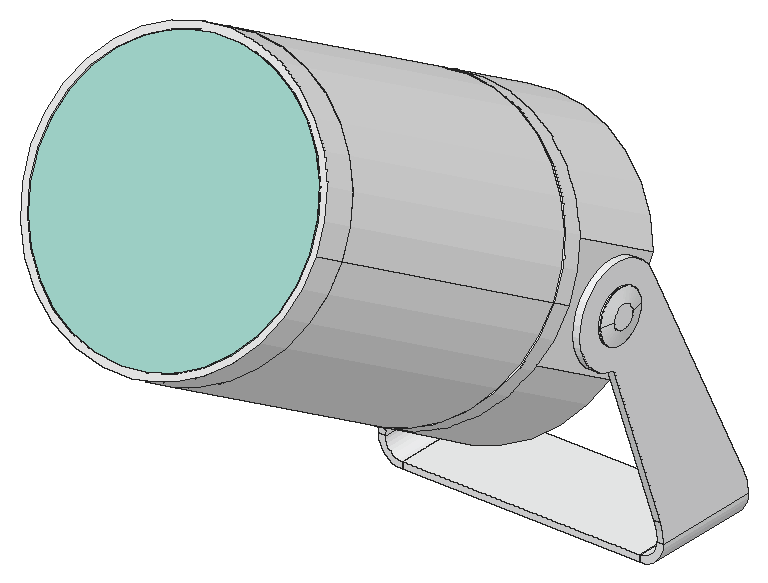
Revit family "Ginko 3.4", category Lighting Fixtures, Revit 2017 (continued)
Definition of nested family "Light Source_3.4"
  Types (4, lengths in mm): name | Photometric Web File | built-in parameter 1150142
    R2 zoom 35°x71° | "GINKO 3.4 R2 zoom 35°x71° [3000K 15W 24Vdc].IES" | "IESNA:LM-63-2002\r\n[TEST] GINKO 34 30K80  ZOOM S 15W - 20180124-1452.LDT\r\n[TESTLAB] L&L\r\n[TESTDATE] 24 Jan 2018\r\n[ISSUEDATE] 24 Jan 2018\r\n[MANUFAC] L&L\r\n[LUMCAT] GINKO 3.4 R2 zoom 35°x71° [3000K 15W 24Vdc]\r\n[LUMINAIRE] GINKO 3.4 R2 zoom 35°x71° [3000K 15W 24Vdc]\r\n[FLASHAREA] 0.000304\r\n[LAMPCAT] COB LED High Density\r\n[LAMP] COB LED High Density\r\nTILT=NONE\r\n1 315.00 1.0 181 19 1 2 -0.040 -0.040 0.000\r\n1.00 1.00 15.00\r\n0.00 1.00 2.00 3.00 4.00 5.00 6.00 7.00 8.00 9.00 10.00 \r\n11.00 12.00 13.00 14.00 15.00 16.00 17.00 18.00 19.00 \r\n20.00 21.00 22.00 23.00 24.00 25.00 26.00 27.00 28.00 \r\n29.00 30.00 31.00 32.00 33.00 34.00 35.00 36.00 37.00 \r\n38.00 39.00 40.00 41.00 42.00 43.00 44.00 45.00 46.00 \r\n47.00 48.00 49.00 50.00 51.00 52.00 53.00 54.00 55.00 \r\n56.00 57.00 58.00 59.00 60.00 61.00 62.00 63.00 64.00 \r\n65.00 66.00 67.00 68.00 69.00 70.00 71.00 72.00 73.00 \r\n74.00 75.00 76.00 77.00 78.00 79.00 80.00 81.00 82.00 \r\n83.00 84.00 85.00 86.00 87.00 88.00 89.00 90.00 91.00 \r\n92.00 93.00 94.00 95.00 96.00 97.00 98.00 99.00 100.00 \r\n101.00 102.00 103.00 104.00 105.00 106.00 107.00 108.00 \r\n109.00 110.00 111.00 112.00 113.00 114.00 115.00 116.00 \r\n117.00 118.00 119.00 120.00 121.00 122.00 123.00 124.00 \r\n125.00 126.00 127.00 128.00 129.00 130.00 131.00 132.00 \r\n133.00 134.00 135.00 136.00 137.00 138.00 139.00 140.00 \r\n141.00 142.00 143.00 144.00 145.00 146.00 147.00 148.00 \r\n149.00 150.00 151.00 152.00 153.00 154.00 155.00 156.00 \r\n157.00 158.00 159.00 160.00 161.00 162.00 163.00 164.00 \r\n165.00 166.00 167.00 168.00 169.00 170.00 171.00 172.00 \r\n173.00 174.00 175.00 176.00 177.00 178.00 179.00 180.00 \r\n0.00 5.00 10.00 15.00 20.00 25.00 30.00 35.00 40.00 45.00 \r\n50.00 55.00 60.00 65.00 70.00 75.00 80.00 85.00 90.00 \r\n446.22 447.94 448.37 446.97 445.50 444.15 443.02 441.23 \r\n439.06 436.32 433.55 431.54 430.04 428.92 428.19 427.51 \r\n427.55 429.74 431.23 425.00 411.35 400.22 388.24 376.92 \r\n364.03 351.58 338.06 325.85 315.35 304.50 293.53 281.60 \r\n268.09 256.31 243.82 231.33 217.55 204.37 191.89 178.93 \r\n166.93 155.41 143.90 129.81 115.84 98.41 79.03 62.39 \r\n44.36 30.96 21.59 16.66 14.27 13.15 12.38 11.78 11.23 \r\n10.67 10.17 9.68 9.18 8.68 8.14 7.68 7.19 6.72 6.28 5.84 \r\n5.40 5.00 4.55 4.14 3.75 3.36 2.99 2.65 2.29 1.94 1.64 \r\n1.34 1.10 0.85 0.65 0.48 0.32 0.20 0.12 0.05 0.02 0.01 \r\n0.00 0.00 0.00 0.00 0.00 0.00 0.00 0.00 0.00 0.00 0.00 \r\n0.00 0.00 0.00 0.00 0.00 0.00 0.00 0.00 0.00 0.00 0.00 \r\n0.00 0.00 0.00 0.00 0.00 0.00 0.00 0.00 0.00 0.00 0.00 \r\n0.00 0.00 0.00 0.00 0.00 0.00 0.00 0.00 0.00 0.00 0.00 \r\n0.00 0.00 0.00 0.00 0.00 0.00 0.00 0.00 0.00 0.00 0.00 \r\n0.00 0.00 0.00 0.00 0.00 0.00 0.00 0.00 0.00 0.00 0.00 \r\n0.00 0.00 0.00 0.00 0.00 0.00 0.00 0.00 0.00 0.00 0.00 \r\n0.00 0.00 0.00 0.00 0.00 0.00 0.00 0.00 0.00 0.00 0.00 \r\n0.00 0.00 0.00 \r\n446.22 447.93 448.40 446.92 445.49 443.76 442.48 440.90 \r\n438.51 435.62 432.77 430.67 429.32 428.25 427.50 426.50 \r\n426.19 428.08 429.70 423.45 410.05 397.82 386.15 374.41 \r\n361.52 348.63 335.81 323.45 312.32 301.61 290.27 278.65 \r\n266.34 254.51 241.55 229.33 216.00 203.08 190.68 178.13 \r\n165.95 153.05 140.42 126.38 112.23 95.69 76.73 59.47 \r\n41.63 28.84 20.44 15.94 13.90 12.88 12.15 11.55 11.01 \r\n10.50 9.98 9.49 9.02 8.51 8.00 7.53 7.08 6.61 6.18 5.75 \r\n5.31 4.92 4.48 4.08 3.70 3.32 2.94 2.60 2.24 1.91 1.61 \r\n1.33 1.08 0.84 0.64 0.47 0.31 0.20 0.11 0.05 0.02 0.00 \r\n0.00 0.00 0.00 0.00 0.00 0.00 0.00 0.00 0.00 0.00 0.00 \r\n0.00 0.00 0.00 0.00 0.00 0.00 0.00 0.00 0.00 0.00 0.00 \r\n0.00 0.00 0.00 0.00 0.00 0.00 0.00 0.00 0.00 0.00 0.00 \r\n0.00 0.00 0.00 0.00 0.00 0.00 0.00 0.00 0.00 0.00 0.00 \r\n0.00 0.00 0.00 0.00 0.00 0.00 0.00 0.00 0.00 0.00 0.00 \r\n0.00 0.00 0.00 0.00 0.00 0.00 0.00 0.00 0.00 0.00 0.00 \r\n0.00 0.00 0.00 0.00 0.00 0.00 0.00 0.00 0.00 0.00 0.00 \r\n0.00 0.00 0.00 0.00 0.00 0.00 0.00 0.00 0.00 0.00 0.00 \r\n0.00 0.00 0.00 \r\n446.22 447.78 448.29 446.58 444.98 443.16 441.62 439.63 \r\n437.01 433.96 431.07 428.63 427.43 426.06 425.17 423.96 \r\n422.88 423.95 425.42 419.68 407.56 393.15 380.84 368.81 \r\n355.78 341.99 329.22 317.43 305.46 294.10 283.55 271.85 \r\n259.84 248.47 236.09 223.91 211.49 198.86 186.26 173.88 \r\n161.08 147.27 133.19 118.69 103.38 86.44 67.41 50.73 \r\n35.02 23.82 17.37 14.34 12.91 12.08 11.43 10.86 10.33 \r\n9.88 9.39 8.93 8.47 8.00 7.53 7.08 6.67 6.23 5.81 5.42 \r\n5.00 4.62 4.22 3.83 3.48 3.10 2.77 2.43 2.10 1.80 1.52 \r\n1.25 1.02 0.79 0.60 0.44 0.30 0.19 0.11 0.05 0.02 0.00 \r\n0.00 0.00 0.00 0.00 0.00 0.00 0.00 0.00 0.00 0.00 0.00 \r\n0.00 0.00 0.00 0.00 0.00 0.00 0.00 0.00 0.00 0.00 0.00 \r\n0.00 0.00 0.00 0.00 0.00 0.00 0.00 0.00 0.00 0.00 0.00 \r\n0.00 0.00 0.00 0.00 0.00 0.00 0.00 0.00 0.00 0.00 0.00 \r\n0.00 0.00 0.00 0.00 0.00 0.00 0.00 0.00 0.00 0.00 0.00 \r\n0.00 0.00 0.00 0.00 0.00 0.00 0.00 0.00 0.00 0.00 0.00 \r\n0.00 0.00 0.00 0.00 0.00 0.00 0.00 0.00 0.00 0.00 0.00 \r\n0.00 0.00 0.00 0.00 0.00 0.00 0.00 0.00 0.00 0.00 0.00 \r\n0.00 0.00 0.00 \r\n446.22 447.83 448.15 446.44 444.54 442.56 440.65 437.98 \r\n435.21 432.12 429.01 426.55 424.92 423.05 421.70 420.09 \r\n417.76 417.24 417.99 414.11 403.65 389.27 375.53 363.63 \r\n350.75 336.91 323.64 310.56 298.39 287.10 276.17 264.39 \r\n251.94 240.13 228.21 216.18 203.54 191.32 178.00 164.78 \r\n151.63 137.39 121.97 106.42 89.20 71.40 53.46 37.92 25.79 \r\n18.03 14.11 12.58 11.57 10.85 10.29 9.75 9.27 8.84 8.39 \r\n7.99 7.55 7.14 6.73 6.33 5.95 5.55 5.17 4.81 4.45 4.09 \r\n3.75 3.40 3.07 2.75 2.46 2.16 1.88 1.60 1.35 1.11 0.91 \r\n0.71 0.54 0.40 0.27 0.17 0.10 0.05 0.02 0.00 0.00 0.00 \r\n0.00 0.00 0.00 0.00 0.00 0.00 0.00 0.00 0.00 0.00 0.00 \r\n0.00 0.00 0.00 0.00 0.00 0.00 0.00 0.00 0.00 0.00 0.00 \r\n0.00 0.00 0.00 0.00 0.00 0.00 0.00 0.00 0.00 0.00 0.00 \r\n0.00 0.00 0.00 0.00 0.00 0.00 0.00 0.00 0.00 0.00 0.00 \r\n0.00 0.00 0.00 0.00 0.00 0.00 0.00 0.00 0.00 0.00 0.00 \r\n0.00 0.00 0.00 0.00 0.00 0.00 0.00 0.00 0.00 0.00 0.00 \r\n0.00 0.00 0.00 0.00 0.00 0.00 0.00 0.00 0.00 0.00 0.00 \r\n0.00 0.00 0.00 0.00 0.00 0.00 0.00 0.00 0.00 0.00 0.00 \r\n0.00 \r\n446.22 447.70 447.79 446.14 444.02 441.65 439.31 436.31 \r\n433.25 430.07 426.72 424.02 421.82 419.38 416.92 413.94 \r\n410.47 407.37 405.48 402.77 395.41 383.41 369.77 357.74 \r\n344.68 332.11 318.87 303.96 291.30 278.91 266.68 254.47 \r\n241.33 228.33 215.77 203.56 191.13 178.20 163.93 149.89 \r\n135.44 119.04 102.33 84.55 65.48 48.69 34.68 23.69 16.87 \r\n13.48 11.80 10.89 10.13 9.50 8.98 8.49 8.04 7.63 7.22 \r\n6.84 6.47 6.10 5.74 5.43 5.09 4.76 4.46 4.12 3.83 3.52 \r\n3.23 2.93 2.66 2.39 2.13 1.86 1.64 1.41 1.19 0.98 0.81 \r\n0.64 0.49 0.37 0.26 0.17 0.09 0.04 0.02 0.00 0.00 0.00 \r\n0.00 0.00 0.00 0.00 0.00 0.00 0.00 0.00 0.00 0.00 0.00 \r\n0.00 0.00 0.00 0.00 0.00 0.00 0.00 0.00 0.00 0.00 0.00 \r\n0.00 0.00 0.00 0.00 0.00 0.00 0.00 0.00 0.00 0.00 0.00 \r\n0.00 0.00 0.00 0.00 0.00 0.00 0.00 0.00 0.00 0.00 0.00 \r\n0.00 0.00 0.00 0.00 0.00 0.00 0.00 0.00 0.00 0.00 0.00 \r\n0.00 0.00 0.00 0.00 0.00 0.00 0.00 0.00 0.00 0.00 0.00 \r\n0.00 0.00 0.00 0.00 0.00 0.00 0.00 0.00 0.00 0.00 0.00 \r\n0.00 0.00 0.00 0.00 0.00 0.00 0.00 0.00 0.00 0.00 0.00 \r\n0.00 \r\n446.22 447.18 447.32 445.59 442.90 440.25 437.46 434.28 \r\n431.18 427.88 424.21 420.92 418.04 414.53 410.45 406.18 \r\n401.36 395.76 390.55 385.48 379.78 371.18 359.65 347.20 \r\n334.01 322.64 309.61 295.59 282.44 267.69 253.82 240.89 \r\n226.31 211.99 199.23 185.03 171.37 156.75 141.67 125.67 \r\n107.84 89.22 71.56 53.88 38.01 26.09 18.35 14.09 12.07 \r\n10.92 10.12 9.50 8.91 8.40 7.94 7.51 7.11 6.74 6.39 6.04 \r\n5.72 5.41 5.13 4.85 4.56 4.26 3.98 3.70 3.44 3.17 2.91 \r\n2.66 2.41 2.16 1.94 1.71 1.50 1.30 1.10 0.92 0.76 0.60 \r\n0.47 0.35 0.24 0.16 0.09 0.04 0.02 0.00 0.00 0.00 0.00 \r\n0.00 0.00 0.00 0.00 0.00 0.00 0.00 0.00 0.00 0.00 0.00 \r\n0.00 0.00 0.00 0.00 0.00 0.00 0.00 0.00 0.00 0.00 0.00 \r\n0.00 0.00 0.00 0.00 0.00 0.00 0.00 0.00 0.00 0.00 0.00 \r\n0.00 0.00 0.00 0.00 0.00 0.00 0.00 0.00 0.00 0.00 0.00 \r\n0.00 0.00 0.00 0.00 0.00 0.00 0.00 0.00 0.00 0.00 0.00 \r\n0.00 0.00 0.00 0.00 0.00 0.00 0.00 0.00 0.00 0.00 0.00 \r\n0.00 0.00 0.00 0.00 0.00 0.00 0.00 0.00 0.00 0.00 0.00 \r\n0.00 0.00 0.00 0.00 0.00 0.00 0.00 0.00 0.00 0.00 0.00 \r\n446.22 447.06 447.05 445.04 442.06 439.18 436.06 432.49 \r\n429.32 425.95 422.00 418.29 414.25 409.48 403.92 398.36 \r\n391.56 384.17 376.66 367.83 359.35 351.07 340.94 329.42 \r\n317.49 305.88 294.46 282.28 269.31 253.97 238.36 223.43 \r\n206.74 190.17 173.92 155.23 137.19 118.00 100.45 81.90 \r\n63.99 49.07 35.88 25.77 18.88 14.54 12.29 10.97 10.21 \r\n9.56 9.00 8.55 8.12 7.71 7.33 6.99 6.66 6.34 6.04 5.75 \r\n5.49 5.25 4.98 4.70 4.42 4.13 3.84 3.57 3.32 3.06 2.81 \r\n2.58 2.33 2.10 1.89 1.67 1.46 1.27 1.07 0.90 0.74 0.59 \r\n0.46 0.34 0.24 0.15 0.09 0.04 0.02 0.00 0.00 0.00 0.00 \r\n0.00 0.00 0.00 0.00 0.00 0.00 0.00 0.00 0.00 0.00 0.00 \r\n0.00 0.00 0.00 0.00 0.00 0.00 0.00 0.00 0.00 0.00 0.00 \r\n0.00 0.00 0.00 0.00 0.00 0.00 0.00 0.00 0.00 0.00 0.00 \r\n0.00 0.00 0.00 0.00 0.00 0.00 0.00 0.00 0.00 0.00 0.00 \r\n0.00 0.00 0.00 0.00 0.00 0.00 0.00 0.00 0.00 0.00 0.00 \r\n0.00 0.00 0.00 0.00 0.00 0.00 0.00 0.00 0.00 0.00 0.00 \r\n0.00 0.00 0.00 0.00 0.00 0.00 0.00 0.00 0.00 0.00 0.00 \r\n0.00 0.00 0.00 0.00 0.00 0.00 0.00 0.00 0.00 0.00 0.00 \r\n446.22 447.08 446.75 444.52 441.47 438.37 434.69 430.52 \r\n426.79 423.31 419.35 414.48 409.48 403.68 397.59 390.48 \r\n382.81 373.61 363.58 351.62 338.87 325.74 313.73 302.40 \r\n289.93 277.35 265.41 252.79 237.39 221.12 202.69 182.46 \r\n161.03 140.07 118.61 97.88 80.20 62.33 47.93 35.83 26.27 \r\n20.11 15.65 13.10 11.70 10.87 10.24 9.74 9.22 8.76 8.36 \r\n7.97 7.64 7.31 6.99 6.69 6.38 6.12 5.83 5.57 5.33 5.10 \r\n4.82 4.57 4.30 4.03 3.78 3.51 3.26 3.02 2.77 2.53 2.29 \r\n2.08 1.86 1.64 1.45 1.25 1.06 0.88 0.73 0.58 0.45 0.34 \r\n0.24 0.15 0.09 0.04 0.01 0.00 0.00 0.00 0.00 0.00 0.00 \r\n0.00 0.00 0.00 0.00 0.00 0.00 0.00 0.00 0.00 0.00 0.00 \r\n0.00 0.00 0.00 0.00 0.00 0.00 0.00 0.00 0.00 0.00 0.00 \r\n0.00 0.00 0.00 0.00 0.00 0.00 0.00 0.00 0.00 0.00 0.00 \r\n0.00 0.00 0.00 0.00 0.00 0.00 0.00 0.00 0.00 0.00 0.00 \r\n0.00 0.00 0.00 0.00 0.00 0.00 0.00 0.00 0.00 0.00 0.00 \r\n0.00 0.00 0.00 0.00 0.00 0.00 0.00 0.00 0.00 0.00 0.00 \r\n0.00 0.00 0.00 0.00 0.00 0.00 0.00 0.00 0.00 0.00 0.00 \r\n0.00 0.00 0.00 0.00 0.00 0.00 0.00 0.00 0.00 \r\n446.22 446.88 446.04 443.96 440.50 436.97 432.67 428.55 \r\n423.71 419.78 415.40 409.80 403.97 397.14 390.66 382.55 \r\n373.86 363.21 350.42 336.03 319.91 302.61 285.01 269.84 \r\n252.46 236.07 217.79 197.88 176.47 153.58 129.65 106.42 \r\n85.21 66.96 51.02 38.89 30.15 23.33 18.44 15.75 13.86 \r\n12.43 11.66 11.02 10.40 9.89 9.40 8.97 8.59 8.23 7.91 \r\n7.60 7.30 7.02 6.73 6.45 6.20 5.95 5.71 5.47 5.22 4.96 \r\n4.68 4.45 4.19 3.95 3.70 3.46 3.21 2.97 2.73 2.49 2.27 \r\n2.05 1.84 1.62 1.43 1.23 1.05 0.88 0.72 0.58 0.45 0.33 \r\n0.23 0.15 0.09 0.04 0.01 0.00 0.00 0.00 0.00 0.00 0.00 \r\n0.00 0.00 0.00 0.00 0.00 0.00 0.00 0.00 0.00 0.00 0.00 \r\n0.00 0.00 0.00 0.00 0.00 0.00 0.00 0.00 0.00 0.00 0.00 \r\n0.00 0.00 0.00 0.00 0.00 0.00 0.00 0.00 0.00 0.00 0.00 \r\n0.00 0.00 0.00 0.00 0.00 0.00 0.00 0.00 0.00 0.00 0.00 \r\n0.00 0.00 0.00 0.00 0.00 0.00 0.00 0.00 0.00 0.00 0.00 \r\n0.00 0.00 0.00 0.00 0.00 0.00 0.00 0.00 0.00 0.00 0.00 \r\n0.00 0.00 0.00 0.00 0.00 0.00 0.00 0.00 0.00 0.00 0.00 \r\n0.00 0.00 0.00 0.00 0.00 0.00 0.00 0.00 0.00 \r\n446.22 446.60 445.55 443.20 439.69 435.76 431.26 426.63 \r\n421.01 415.91 410.87 404.97 398.10 390.43 383.01 373.88 \r\n363.65 351.34 336.16 319.34 301.10 280.57 257.53 234.07 \r\n209.20 182.51 155.50 128.49 102.35 77.87 57.86 42.01 \r\n30.73 23.59 18.76 17.54 15.47 14.05 12.69 12.02 11.43 \r\n10.91 10.39 9.94 9.53 9.15 8.81 8.48 8.16 7.88 7.59 7.33 \r\n7.06 6.80 6.56 6.30 6.09 5.87 5.66 5.42 5.17 4.89 4.63 \r\n4.38 4.14 3.89 3.65 3.42 3.18 2.94 2.71 2.48 2.27 2.03 \r\n1.84 1.62 1.41 1.23 1.04 0.88 0.72 0.57 0.45 0.33 0.23 \r\n0.14 0.08 0.04 0.01 0.00 0.00 0.00 0.00 0.00 0.00 0.00 \r\n0.00 0.00 0.00 0.00 0.00 0.00 0.00 0.00 0.00 0.00 0.00 \r\n0.00 0.00 0.00 0.00 0.00 0.00 0.00 0.00 0.00 0.00 0.00 \r\n0.00 0.00 0.00 0.00 0.00 0.00 0.00 0.00 0.00 0.00 0.00 \r\n0.00 0.00 0.00 0.00 0.00 0.00 0.00 0.00 0.00 0.00 0.00 \r\n0.00 0.00 0.00 0.00 0.00 0.00 0.00 0.00 0.00 0.00 0.00 \r\n0.00 0.00 0.00 0.00 0.00 0.00 0.00 0.00 0.00 0.00 0.00 \r\n0.00 0.00 0.00 0.00 0.00 0.00 0.00 0.00 0.00 0.00 0.00 \r\n0.00 0.00 0.00 0.00 0.00 0.00 0.00 0.00 \r\n446.22 446.23 445.13 442.58 439.07 434.66 430.20 424.89 \r\n418.84 412.97 406.79 400.02 392.42 383.82 374.52 364.26 \r\n352.51 337.91 320.65 300.91 278.56 251.67 224.23 190.16 \r\n156.38 123.04 91.54 66.67 46.11 32.97 24.54 19.46 16.65 \r\n15.14 14.15 13.22 12.47 11.82 11.29 10.81 10.34 9.97 9.59 \r\n9.26 8.95 8.64 8.37 8.11 7.85 7.60 7.35 7.11 6.86 6.63 \r\n6.40 6.18 5.97 5.76 5.54 5.30 5.04 4.78 4.54 4.29 4.05 \r\n3.84 3.60 3.37 3.13 2.90 2.69 2.47 2.25 2.02 1.82 1.61 \r\n1.41 1.22 1.04 0.87 0.71 0.57 0.44 0.32 0.23 0.14 0.08 \r\n0.04 0.01 0.00 0.00 0.00 0.00 0.00 0.00 0.00 0.00 0.00 \r\n0.00 0.00 0.00 0.00 0.00 0.00 0.00 0.00 0.00 0.00 0.00 \r\n0.00 0.00 0.00 0.00 0.00 0.00 0.00 0.00 0.00 0.00 0.00 \r\n0.00 0.00 0.00 0.00 0.00 0.00 0.00 0.00 0.00 0.00 0.00 \r\n0.00 0.00 0.00 0.00 0.00 0.00 0.00 0.00 0.00 0.00 0.00 \r\n0.00 0.00 0.00 0.00 0.00 0.00 0.00 0.00 0.00 0.00 0.00 \r\n0.00 0.00 0.00 0.00 0.00 0.00 0.00 0.00 0.00 0.00 0.00 \r\n0.00 0.00 0.00 0.00 0.00 0.00 0.00 0.00 0.00 0.00 0.00 \r\n0.00 0.00 0.00 0.00 0.00 0.00 \r\n446.22 445.90 444.39 441.93 438.02 433.78 428.71 423.31 \r\n416.94 410.47 403.53 395.67 387.20 377.18 366.15 353.91 \r\n340.63 324.24 304.49 280.52 250.42 217.49 179.44 139.78 \r\n102.72 71.85 46.52 31.45 22.63 18.58 16.31 15.05 14.05 \r\n13.16 12.37 11.73 11.19 10.70 10.27 9.90 9.55 9.25 8.95 \r\n8.67 8.41 8.15 7.92 7.69 7.47 7.25 7.04 6.83 6.60 6.39 \r\n6.18 5.96 5.73 5.52 5.29 5.06 4.83 4.60 4.37 4.16 3.93 \r\n3.72 3.49 3.27 3.04 2.83 2.61 2.40 2.19 1.98 1.77 1.58 \r\n1.38 1.19 1.02 0.84 0.69 0.56 0.43 0.32 0.22 0.14 0.08 \r\n0.04 0.01 0.00 0.00 0.00 0.00 0.00 0.00 0.00 0.00 0.00 \r\n0.00 0.00 0.00 0.00 0.00 0.00 0.00 0.00 0.00 0.00 0.00 \r\n0.00 0.00 0.00 0.00 0.00 0.00 0.00 0.00 0.00 0.00 0.00 \r\n0.00 0.00 0.00 0.00 0.00 0.00 0.00 0.00 0.00 0.00 0.00 \r\n0.00 0.00 0.00 0.00 0.00 0.00 0.00 0.00 0.00 0.00 0.00 \r\n0.00 0.00 0.00 0.00 0.00 0.00 0.00 0.00 0.00 0.00 0.00 \r\n0.00 0.00 0.00 0.00 0.00 0.00 0.00 0.00 0.00 0.00 0.00 \r\n0.00 0.00 0.00 0.00 0.00 0.00 0.00 0.00 0.00 0.00 0.00 \r\n0.00 0.00 0.00 0.00 0.00 0.00 \r\n446.22 445.58 443.90 441.25 437.34 433.09 427.64 421.62 \r\n414.90 408.14 400.73 392.25 382.39 370.83 358.47 344.86 \r\n329.92 311.08 288.52 257.12 220.01 177.86 132.66 94.36 \r\n61.66 39.82 26.12 20.06 17.27 15.59 14.46 13.48 12.67 \r\n11.99 11.38 10.87 10.40 9.98 9.60 9.26 8.95 8.67 8.40 \r\n8.16 7.91 7.68 7.45 7.24 7.01 6.80 6.59 6.38 6.19 5.98 \r\n5.79 5.58 5.37 5.17 4.96 4.77 4.55 4.35 4.15 3.95 3.75 \r\n3.54 3.34 3.13 2.92 2.72 2.51 2.30 2.11 1.90 1.70 1.51 \r\n1.33 1.15 0.98 0.81 0.68 0.53 0.41 0.30 0.21 0.13 0.08 \r\n0.04 0.01 0.00 0.00 0.00 0.00 0.00 0.00 0.00 0.00 0.00 \r\n0.00 0.00 0.00 0.00 0.00 0.00 0.00 0.00 0.00 0.00 0.00 \r\n0.00 0.00 0.00 0.00 0.00 0.00 0.00 0.00 0.00 0.00 0.00 \r\n0.00 0.00 0.00 0.00 0.00 0.00 0.00 0.00 0.00 0.00 0.00 \r\n0.00 0.00 0.00 0.00 0.00 0.00 0.00 0.00 0.00 0.00 0.00 \r\n0.00 0.00 0.00 0.00 0.00 0.00 0.00 0.00 0.00 0.00 0.00 \r\n0.00 0.00 0.00 0.00 0.00 0.00 0.00 0.00 0.00 0.00 0.00 \r\n0.00 0.00 0.00 0.00 0.00 0.00 0.00 0.00 0.00 0.00 0.00 \r\n0.00 0.00 0.00 0.00 0.00 0.00 \r\n446.22 445.30 443.36 440.57 436.86 432.29 427.00 420.31 \r\n413.16 406.40 398.60 389.36 378.02 365.64 351.48 337.70 \r\n320.34 298.24 272.03 233.75 189.21 139.71 94.18 61.14 \r\n37.01 25.13 19.45 16.89 15.41 14.27 13.31 12.52 11.83 \r\n11.24 10.74 10.28 9.87 9.50 9.15 8.84 8.56 8.29 8.02 7.78 \r\n7.54 7.30 7.07 6.84 6.62 6.40 6.19 5.99 5.79 5.60 5.42 \r\n5.25 5.08 4.89 4.72 4.53 4.34 4.16 3.98 3.79 3.60 3.42 \r\n3.22 3.03 2.83 2.63 2.43 2.23 2.03 1.84 1.65 1.46 1.28 \r\n1.10 0.94 0.79 0.64 0.51 0.39 0.29 0.20 0.12 0.07 0.03 \r\n0.01 0.00 0.00 0.00 0.00 0.00 0.00 0.00 0.00 0.00 0.00 \r\n0.00 0.00 0.00 0.00 0.00 0.00 0.00 0.00 0.00 0.00 0.00 \r\n0.00 0.00 0.00 0.00 0.00 0.00 0.00 0.00 0.00 0.00 0.00 \r\n0.00 0.00 0.00 0.00 0.00 0.00 0.00 0.00 0.00 0.00 0.00 \r\n0.00 0.00 0.00 0.00 0.0
      0 0.00 0.00 0.00 0.00 0.00 0.00 \r\n0.00 0.00 0.00 0.00 0.00 0.00 0.00 0.00 0.00 0.00 0.00 \r\n0.00 0.00 0.00 0.00 0.00 0.00 0.00 0.00 0.00 0.00 0.00 \r\n0.00 0.00 0.00 0.00 0.00 0.00 0.00 0.00 0.00 0.00 0.00 \r\n0.00 0.00 0.00 0.00 0.00 \r\n446.22 445.20 442.91 439.81 436.06 431.33 425.85 419.40 \r\n412.02 404.69 396.89 386.86 374.55 361.40 345.92 330.29 \r\n310.62 285.63 252.35 210.23 159.50 108.49 68.70 41.08 \r\n26.02 19.75 17.21 15.59 14.34 13.38 12.58 11.87 11.30 \r\n10.75 10.32 9.90 9.53 9.20 8.89 8.60 8.34 8.06 7.80 7.56 \r\n7.30 7.05 6.82 6.59 6.37 6.17 5.97 5.78 5.61 5.44 5.26 \r\n5.10 4.93 4.76 4.59 4.41 4.24 4.06 3.89 3.71 3.53 3.37 \r\n3.17 2.99 2.79 2.59 2.40 2.20 2.01 1.80 1.61 1.43 1.25 \r\n1.07 0.91 0.75 0.61 0.49 0.38 0.28 0.19 0.12 0.07 0.03 \r\n0.01 0.00 0.00 0.00 0.00 0.00 0.00 0.00 0.00 0.00 0.00 \r\n0.00 0.00 0.00 0.00 0.00 0.00 0.00 0.00 0.00 0.00 0.00 \r\n0.00 0.00 0.00 0.00 0.00 0.00 0.00 0.00 0.00 0.00 0.00 \r\n0.00 0.00 0.00 0.00 0.00 0.00 0.00 0.00 0.00 0.00 0.00 \r\n0.00 0.00 0.00 0.00 0.00 0.00 0.00 0.00 0.00 0.00 0.00 \r\n0.00 0.00 0.00 0.00 0.00 0.00 0.00 0.00 0.00 0.00 0.00 \r\n0.00 0.00 0.00 0.00 0.00 0.00 0.00 0.00 0.00 0.00 0.00 \r\n0.00 0.00 0.00 0.00 0.00 0.00 0.00 0.00 0.00 0.00 0.00 \r\n0.00 0.00 0.00 0.00 0.00 \r\n446.22 445.02 442.40 439.16 435.33 430.68 425.21 418.56 \r\n411.47 404.11 395.79 385.41 372.93 358.03 341.43 323.84 \r\n301.53 273.97 234.87 188.23 133.93 86.09 52.43 30.50 \r\n21.48 18.03 16.06 14.75 13.66 12.75 12.06 11.42 10.90 \r\n10.43 9.99 9.62 9.31 8.99 8.72 8.45 8.19 7.93 7.68 7.43 \r\n7.16 6.91 6.67 6.45 6.24 6.06 5.86 5.68 5.53 5.36 5.19 \r\n5.04 4.87 4.72 4.55 4.39 4.22 4.04 3.89 3.71 3.53 3.36 \r\n3.17 2.97 2.77 2.58 2.37 2.17 1.98 1.77 1.58 1.39 1.21 \r\n1.04 0.88 0.73 0.60 0.48 0.37 0.27 0.19 0.12 0.07 0.03 \r\n0.01 0.00 0.00 0.00 0.00 0.00 0.00 0.00 0.00 0.00 0.00 \r\n0.00 0.00 0.00 0.00 0.00 0.00 0.00 0.00 0.00 0.00 0.00 \r\n0.00 0.00 0.00 0.00 0.00 0.00 0.00 0.00 0.00 0.00 0.00 \r\n0.00 0.00 0.00 0.00 0.00 0.00 0.00 0.00 0.00 0.00 0.00 \r\n0.00 0.00 0.00 0.00 0.00 0.00 0.00 0.00 0.00 0.00 0.00 \r\n0.00 0.00 0.00 0.00 0.00 0.00 0.00 0.00 0.00 0.00 0.00 \r\n0.00 0.00 0.00 0.00 0.00 0.00 0.00 0.00 0.00 0.00 0.00 \r\n0.00 0.00 0.00 0.00 0.00 0.00 0.00 0.00 0.00 0.00 0.00 \r\n0.00 0.00 0.00 0.00 0.00 \r\n446.22 444.91 441.96 438.79 434.80 430.50 425.17 418.19 \r\n411.10 403.35 395.12 384.34 371.58 355.91 338.60 318.75 \r\n294.97 264.13 219.94 169.98 117.19 73.07 41.44 26.28 \r\n19.78 17.04 15.38 14.17 13.14 12.30 11.64 11.06 10.56 \r\n10.13 9.75 9.40 9.10 8.82 8.55 8.30 8.05 7.80 7.55 7.30 \r\n7.04 6.79 6.57 6.35 6.15 5.97 5.79 5.62 5.46 5.30 5.15 \r\n4.99 4.85 4.70 4.55 4.39 4.22 4.06 3.89 3.73 3.54 3.35 \r\n3.16 2.96 2.75 2.54 2.33 2.11 1.92 1.72 1.53 1.34 1.17 \r\n1.01 0.85 0.71 0.58 0.46 0.35 0.26 0.18 0.12 0.07 0.03 \r\n0.01 0.00 0.00 0.00 0.00 0.00 0.00 0.00 0.00 0.00 0.00 \r\n0.00 0.00 0.00 0.00 0.00 0.00 0.00 0.00 0.00 0.00 0.00 \r\n0.00 0.00 0.00 0.00 0.00 0.00 0.00 0.00 0.00 0.00 0.00 \r\n0.00 0.00 0.00 0.00 0.00 0.00 0.00 0.00 0.00 0.00 0.00 \r\n0.00 0.00 0.00 0.00 0.00 0.00 0.00 0.00 0.00 0.00 0.00 \r\n0.00 0.00 0.00 0.00 0.00 0.00 0.00 0.00 0.00 0.00 0.00 \r\n0.00 0.00 0.00 0.00 0.00 0.00 0.00 0.00 0.00 0.00 0.00 \r\n0.00 0.00 0.00 0.00 0.00 0.00 0.00 0.00 0.00 0.00 0.00 \r\n0.00 0.00 0.00 0.00 0.00 \r\n446.22 444.73 441.53 438.11 434.26 429.86 424.77 418.27 \r\n410.99 402.58 394.19 383.44 370.41 354.28 336.62 315.71 \r\n291.19 256.11 208.71 160.03 106.91 64.72 37.12 24.23 \r\n18.82 16.57 14.99 13.78 12.81 12.00 11.33 10.81 10.31 \r\n9.89 9.53 9.19 8.90 8.63 8.37 8.12 7.87 7.64 7.38 7.13 \r\n6.89 6.65 6.45 6.23 6.04 5.86 5.69 5.52 5.36 5.20 5.07 \r\n4.91 4.79 4.64 4.50 4.36 4.19 4.03 3.86 3.70 3.51 3.32 \r\n3.12 2.91 2.70 2.47 2.27 2.06 1.85 1.67 1.48 1.30 1.13 \r\n0.97 0.82 0.68 0.56 0.45 0.35 0.26 0.18 0.11 0.07 0.03 \r\n0.01 0.00 0.00 0.00 0.00 0.00 0.00 0.00 0.00 0.00 0.00 \r\n0.00 0.00 0.00 0.00 0.00 0.00 0.00 0.00 0.00 0.00 0.00 \r\n0.00 0.00 0.00 0.00 0.00 0.00 0.00 0.00 0.00 0.00 0.00 \r\n0.00 0.00 0.00 0.00 0.00 0.00 0.00 0.00 0.00 0.00 0.00 \r\n0.00 0.00 0.00 0.00 0.00 0.00 0.00 0.00 0.00 0.00 0.00 \r\n0.00 0.00 0.00 0.00 0.00 0.00 0.00 0.00 0.00 0.00 0.00 \r\n0.00 0.00 0.00 0.00 0.00 0.00 0.00 0.00 0.00 0.00 0.00 \r\n0.00 0.00 0.00 0.00 0.00 0.00 0.00 0.00 0.00 0.00 0.00 \r\n0.00 0.00 0.00 0.00 0.00 \r\n446.22 444.57 441.29 437.83 434.18 429.51 424.67 418.34 \r\n411.31 402.96 394.05 383.23 370.34 353.19 335.32 315.15 \r\n290.14 253.04 206.31 157.85 101.80 61.59 35.74 22.99 \r\n18.36 16.36 14.79 13.60 12.68 11.89 11.20 10.70 10.21 \r\n9.81 9.44 9.11 8.82 8.53 8.28 8.03 7.79 7.55 7.29 7.04 \r\n6.81 6.58 6.37 6.17 5.98 5.80 5.63 5.46 5.30 5.15 5.01 \r\n4.87 4.74 4.60 4.46 4.32 4.17 4.00 3.84 3.67 3.48 3.28 \r\n3.09 2.88 2.66 2.44 2.23 2.03 1.83 1.64 1.45 1.28 1.12 \r\n0.95 0.81 0.67 0.55 0.44 0.34 0.25 0.17 0.11 0.06 0.03 \r\n0.01 0.00 0.00 0.00 0.00 0.00 0.00 0.00 0.00 0.00 0.00 \r\n0.00 0.00 0.00 0.00 0.00 0.00 0.00 0.00 0.00 0.00 0.00 \r\n0.00 0.00 0.00 0.00 0.00 0.00 0.00 0.00 0.00 0.00 0.00 \r\n0.00 0.00 0.00 0.00 0.00 0.00 0.00 0.00 0.00 0.00 0.00 \r\n0.00 0.00 0.00 0.00 0.00 0.00 0.00 0.00 0.00 0.00 0.00 \r\n0.00 0.00 0.00 0.00 0.00 0.00 0.00 0.00 0.00 0.00 0.00 \r\n0.00 0.00 0.00 0.00 0.00 0.00 0.00 0.00 0.00 0.00 0.00 \r\n0.00 0.00 0.00 0.00 0.00 0.00 0.00 0.00 0.00 0.00 0.00 \r\n0.00 0.00 0.00 0.00 0.00 \r\n"
  Reference planes
    plane 1 "Light Source Axis (F/B)": y = 0
    plane 2: z = 0
    plane 3 "Light Source Axis (L/R)": x = 0
    plane 4 "Light Source Elevation": z = 0
  Dimensions and locks
    aligned and locked: plane 3 "Light Source Axis (L/R)" to imposter light
    aligned and locked: plane 1 "Light Source Axis (F/B)" to imposter light
    aligned and locked: plane 4 "Light Source Elevation" to imposter light
    aligned and locked: level to plane 2
Types (4, lengths in mm): name | Optics | Light Source
  Ginko 3.4_R1 zoom 8° (3000K 15W 24Vdc) | "8°" | Light Source_3.4 : R1 zoom 8°
  Ginko 3.4_R1 zoom 38° (3000K 15W 24Vdc) | "38°" | Light Source_3.4 : R1 zoom 38°
  Ginko 3.4_R2 zoom 8°x66° (3000K 15W 24Vdc) | "8°x66°" | Light Source_3.4 : R2 zoom 8°x66°
  Ginko 3.4_R2 zoom 35°x71° (3000K 15W 24Vdc) | "35°x71°" | Light Source_3.4 : R2 zoom 35°x71°
